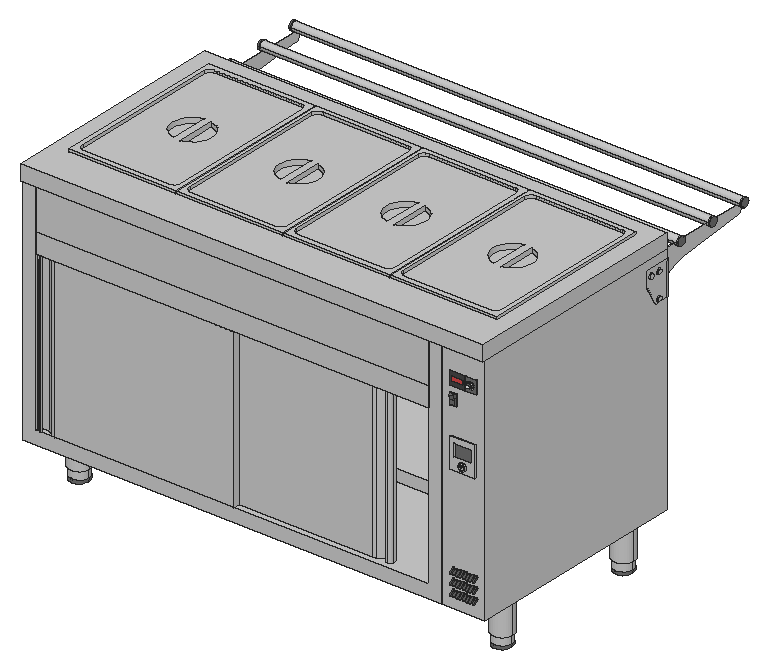
Revit family "QF_INOMAK_MHV714_250605085613", category Specialty Equipment, Revit 2021
Family settings
  Round Connector Dimension = Use Diameter
  Part Type = Normal
  OmniClass Number = 23.40.40.14
  OmniClass Title = Food Service Equipment
  Work Plane-Based = No
  Always vertical = Yes
  Cut with Voids When Loaded = No
  Shared = No
  Room Calculation Point = No
Parameters (values of type "MHV714")
  Weight [instance] = 66.00 kg
  Waste Water Discharge Temperature [instance] = 0 °C
  Waste Remarks [instance] = ""
  Warranty Start Date [instance] = ""
  Warranty Duration [instance] = ""
  Volts [instance] = 400 V
  Volt Free Conn [instance] = no
  URL Recommended Spares List [instance] = ""
  URL Manufacturer [instance] = ""
  URL Cutsheet [instance] = ""
  URL Critical Spares List [instance] = ""
  URL = "www.inomak.com"
  Technical Documentation [instance] = ""
  Tag Number [instance] = ""
  Status [instance] = ""
  Start Up Current [instance] = 0 A
  Specification by User [instance] = ""
  Specification by Manufacturer [instance] = ""
  Sound Level [instance] = ""
  Show Logo [instance] = yes
  Show Clearances [instance] = yes
  Service Life Duration [instance] = ""
  Serial Number [instance] = ""
  Seismic Rating [instance] = ""
  SMACNA No [instance] = ""
  Revision Code [instance] = ""
  Revision [instance] = ""
  Production Year [instance] = ""
  Potential Equalisation [instance] = no
  Point Load [instance] = 0
  Plumbing Remarks [instance] = ""
  Plumbing Connection Type [instance] = ""
  Phase [instance] = 3
  Other Equipment Approvals [instance] = ""
  Operational Current [instance] = 0 A
  Odor Trap Included [instance] = no
  Number of Poles [instance] = 3
  No Load Power Draw [instance] = no
  National Water Regulation Certification [instance] = no
  NAFEM Spec ID Number [instance] = ""
  Model Warning [instance] = ""
  Model = "MHV714"
  Min Ckt Ampacity [instance] = 0 A
  Max Overcurrent Protection [instance] = 25 A
  Masterspec [instance] = ""
  Manufacturer = "INOMAK"
  Main switch integrated [instance] = no
  Length Actual [instance] = 1406 mm
  Item Number [instance] = ""
  Installed By [instance] = ""
  Installation Date [instance] = ""
  Indirect Waste Size [instance] = 25.4 mm
  Indirect Waste Remarks [instance] = ""
  Indirect Waste Flow [instance] = 0.0 L/s
  Indirect Waste Connection Type [instance] = ""
  Indirect Waste Connection Height [instance] = 0 mm
  Identify Quantity as Lot [instance] = no
  ID [instance] = ""
  Hygiene Approval [instance] = ""
  Height Actual [instance] = 900 mm
  HP power [instance] = ""
  Furnished By [instance] = ""
  Foodservice Equipment Identifier [instance] = no
  FL Amps [instance] = 16.8 A
  Electrical Remarks [instance] = ""
  Electric power [instance] = 3840 W
  Electric Connection Type [instance] = ""
  Elec Conn RI Height [instance] = 0 mm
  Elec Conn Connection Height [instance] = 0 mm
  ETL Approved [instance] = no
  Direct Waste Water Discharge Temperature [instance] = -273.15 °C
  Direct Waste Size [instance] = 25.4 mm
  Direct Waste RI Height [instance] = 0 mm
  Direct Waste Flow [instance] = 0.0 L/s
  Direct Waste Connection Height [instance] = 0 mm
  Description = "BAIN MARIE ON HEATED CUPBOARD WITH 3 GN PANS CAPACITY "
  Depth Actual [instance] = 700 mm
  Default Elevation = 0 mm
  Cycle [instance] = 50 Hz
  Cost = 0
  Connection to energy optimisation system [instance] = yes
  Conn Plug [instance] = ""
  Conn Conduit [instance] = no
  Cold Water Temperature Recommended [instance] = 0 °C
  Cold Water Size [instance] = 12.7 mm
  Cold Water Remarks [instance] = ""
  Cold Water RI Height [instance] = 0 mm
  Cold Water Quality [instance] = ""
  Cold Water Minimum Pressure [instance] = 200000.0 Pa
  Cold Water Maximum Pressure [instance] = 600000.0 Pa
  Cold Water Flow [instance] = 0.0 L/s
  Cold Water Connection Type [instance] = ""
  Cold Water Connection Height [instance] = 0 mm
  Centralized building control system with digital interface [instance] = ""
  CSI MasterFormat [instance] = ""
  CE Approved [instance] = no
  Barcode [instance] = 0
  Author [instance] = ""
  Asset Identifier [instance] = ""
  Apparent Power [instance] = 3840 VA
  Accessory [instance] = no
Reference planes
  plane 1 "Center (Front/Back)": y = 0
  plane 2: z = 0
  plane 3 "Center (Left/Right)": x = 0
Forms (mm)
  Extrusion 1, solid, not visible
    sketch origin (110.005, -510.025, 146.007) x (1, 0, 0) y (0, 1, 0)
      loop
        line (-2, 2) -> (-2, -2) -> (2, -2) -> (2, 2) -> (-2, 2)
    from -2 to 2
  Extrusion 2, solid, not visible
    sketch origin (110.005, -410.02, 146.007) x (1, 0, 0) y (0, 1, 0)
      loop
        line (-2, 2) -> (-2, -2) -> (2, -2) -> (2, 2) -> (-2, 2)
    from -2 to 2
  Extrusion 3, solid, not visible
    sketch origin (1360.066, -635.031, 146.007) x (1, 0, 0) y (0, 1, 0)
      loop
        line (-2, 2) -> (-2, -2) -> (2, -2) -> (2, 2) -> (-2, 2)
    from -2 to 2
Dimensions and locks
  locked: nested 2 to Extrusion 1 at 2  (x2)
  locked: nested 3 to Extrusion 2 at 2  (x2)
  locked: nested 4 to Extrusion 3 at 2  (x2)
  aligned and locked: level to plane 2
Nested families
  nested 1: "QF_INOMAK_CUPBOARD_BAIN_MARIES_1410_2920" at (0, 0, 144), type "MHV714"
    with Weight 66.00 kg, Warranty Start Date "", Warranty Duration "", URL Cutsheet "", Technical Documentation "", Tag Number "", Status "", Specification by User "", Specification by Manufacturer "", Sound Level "", Solid Fuel Type "", Show Logo yes, Show Clearances yes, Service Life Duration "", Serial Number "", Seismic Rating "", SMACNA No "", Revision Code "", Revision "", Production Year "", Point Load 0, Other Equipment Approvals "", NAFEM Spec ID Number "", Model Warning "", Masterspec "", Length Actual 1406 mm, Item Number "", Installed By "", Installation Date "", Identify Quantity as Lot yes, ID "", Hygiene Approval "", Height Actual 900 mm, Furnished By "", Foodservice Equipment Identifier yes, ETL Approved yes, Depth Actual 700 mm, CSI MasterFormat "", CE Approved yes, Barcode "", Author "", Asset Identifier "", Accessory no
  nested 2: "CONN_POINT_COLDWATER_2D___Generic_Annotation" at (110.005, -510.025, 144.007), type "CONN_POINT_COLDWATER_2D___Generic_Annotation"
    with Onboard connection annotation symbol visibility yes
  nested 3: "CONN_POINT_DRAIN_2D___Generic_Annotation" at (110.005, -410.02, 144.007), type "CONN_POINT_DRAIN_2D___Generic_Annotation"
    with Onboard connection annotation symbol visibility yes
  nested 4: "CONN_POINT_ELE_2D___Generic_Annotation" at (1360.066, -635.031, 144.007), type "CONN_POINT_ELE_2D___Generic_Annotation"
    with Onboard connection annotation symbol visibility yes
  nested 5: "QF_INOMAK_LEGS_5042" at (0, 0, 0), type "LG-1410-700"
    with Weight 0.00 kg, Warranty Start Date "", Warranty Duration "", URL Cutsheet "", Technical Documentation "", Tag Number "", Status "", Specification by User "", Specification by Manufacturer "", Sound Level "", Solid Fuel Type "", Show Logo yes, Show Clearances yes, Service Life Duration "", Serial Number "", Seismic Rating "", SMACNA No "", Revision Code "", Revision "", Production Year "", Point Load 0, Other Equipment Approvals "", NAFEM Spec ID Number "", Model Warning "", Masterspec "", Length Actual 1406 mm, Item Number "", Installed By "", Installation Date "", Identify Quantity as Lot yes, ID "", Hygiene Approval "", Height Actual 144 mm, Furnished By "", Foodservice Equipment Identifier yes, ETL Approved yes, Depth Actual 700 mm, CSI MasterFormat "", CE Approved yes, Barcode "", Author "", Asset Identifier "", Accessory yes
  nested 6: "QF_INOMAK_CUPBOARD_RAILS_6791" at (0, 0, 144), type "RAS140"
    with Weight 0.00 kg, Warranty Start Date "", Warranty Duration "", URL Cutsheet "", Technical Documentation "", Tag Number "", Status "", Specification by User "", Specification by Manufacturer "", Sound Level "", Solid Fuel Type "", Show Logo yes, Show Clearances yes, Service Life Duration "", Serial Number "", Seismic Rating "", SMACNA No "", Revision Code "", Revision "", Production Year "", Point Load 0, Other Equipment Approvals "", NAFEM Spec ID Number "", Model Warning "", Masterspec "", Length Actual 1376 mm, Length 1406 mm, Item Number "", Installed By "", Installation Date "", Identify Quantity as Lot yes, ID "", Hygiene Approval "", Height Actual 175 mm, Furnished By "", Foodservice Equipment Identifier yes, ETL Approved yes, Depth Actual 335 mm, CSI MasterFormat "", CE Approved yes, Barcode "", Author "", Asset Identifier "", Accessory yes
Connectors
  piping at (110.005, -510.025, 144.007), diameter 12.7, driven by "Cold Water Size", driven by "Cold Water Flow"
    settings: on Extrusion 1, index 1, connector inside diameter 609.6 mm, connector length 0 mm, flow factor 0, pipe flow 0.0 L/s, pressure drop 0.0 Pa, fitting loss kfactor 0, connector angle 0.00°, fixture units 0, engagement length 0 mm, angle of deflection 0.00°, flow configuration 1, flow direction 1, fitting loss method 0, system type 20, joint type 0, gender type 0, connector reference index -1, connector utility 0, adjustable connector no, is connector primary yes, connector description "Cold Water connection for MHV714"
  piping at (110.005, -410.02, 144.007), diameter 25.4, driven by "Indirect Waste Size", driven by "Direct Waste Flow"
    settings: on Extrusion 2, index 2, connector inside diameter 609.6 mm, connector length 0 mm, flow factor 0, pipe flow 0.0 L/s, pressure drop 0.0 Pa, fitting loss kfactor 0, connector angle 0.00°, fixture units 0, engagement length 0 mm, angle of deflection 0.00°, flow configuration 1, flow direction 2, fitting loss method 0, system type 16, joint type 0, gender type 0, connector reference index -1, connector utility 0, adjustable connector no, is connector primary no, connector description "Waste connection for MHV714"
  electrical at (1360.066, -635.031, 144.007), driven by "Apparent Power", driven by "Number of Poles", driven by "Volts"
    settings: on Extrusion 3, index 3, voltage 400 V, apparent load 0 VA, apparent load phase1 3840 VA, apparent load phase2 0 VA, apparent load phase3 0 VA, power factor 1, load classification "Other", number of poles 3, system type 31, power factor state 1, is connector primary yes, connector utility no, sub classification motor no, connector description "Electrical connection for MHV714"
Definition of nested family "QF_INOMAK_CUPBOARD_BAIN_MARIES_1410_2920"
  Parameters (values of type "MFV714")
    Weight [instance] = 0.00 kg
    Warranty Start Date [instance] = ""
    Warranty Duration [instance] = ""
    URL Cutsheet [instance] = ""
    URL = "www.inomak.com"
    Technical Documentation [instance] = ""
    Tag Number [instance] = ""
    Status [instance] = ""
    Specification by User [instance] = ""
    Specification by Manufacturer [instance] = ""
    Sound Level [instance] = ""
    Solid Fuel Type [instance] = ""
    Show Logo [instance] = yes
    Show Clearances [instance] = yes
    Service Life Duration [instance] = ""
    Serial Number [instance] = ""
    Seismic Rating [instance] = ""
    SMACNA No [instance] = ""
    Revision Code [instance] = ""
    Revision [instance] = ""
    Production Year [instance] = ""
    Point Load [instance] = 0
    Other Equipment Approvals [instance] = ""
    NAFEM Spec ID Number [instance] = ""
    Model Warning [instance] = ""
    Model = "MFV714"
    Masterspec [instance] = ""
    Manufacturer = "INOMAK"
    Length Actual [instance] = 0 mm
    Item Number [instance] = ""
    Installed By [instance] = ""
    Installation Date [instance] = ""
    Identify Quantity as Lot [instance] = yes
    ID [instance] = ""
    Hygiene Approval [instance] = ""
    Height Actual [instance] = 0 mm
    Furnished By [instance] = ""
    Foodservice Equipment Identifier [instance] = yes
    ETL Approved [instance] = yes
    Description = "BAIN MARIE ON CUPBOARD WITH 3 GN PANS CAPACITY AND SHOWCASE"
    Depth Actual [instance] = 0 mm
    Default Elevation = 0 mm
    CSI MasterFormat [instance] = ""
    CE Approved [instance] = yes
    Barcode [instance] = ""
    Author [instance] = ""
    Asset Identifier [instance] = ""
    Assembly Code = "E1090320"
    Accessory [instance] = yes
  Types (10, lengths in mm): name | Model | Description
    MFV714 | "MFV714" | "BAIN MARIE ON CUPBOARD WITH 3 GN PANS CAPACITY AND SHOWCASE"
    MDV714 | "MDV714" | "BAIN MARIE ON CUPBOARD WITH 3 GN PANS CAPACITY"
    MVV714 | "MVV714" | "BAIN MARIE ON CUPBOARD WITH 3 GN PANS CAPACITY AND SINGLE SNEEZE GUARD"
    MRV714 | "MRV714" | "BAIN MARIE ON CUPBOARD WITH 3 GN PANS CAPACITY AND DOUBLE SNEEZE GUARD"
    MFSQ714 | "MFSQ714" | "BAIN MARIE ON CUPBOARD WITH 3 GN PANS CAPACITY AND SQUARE SHOWCASE"
    MIV714 | "MIV714" | "BAIN MARIE ON HEATED CUPBOARD WITH 3 GN PANS CAPACITY AND SHOWCASE"
    MHV714 | "MHV714" | "BAIN MARIE ON HEATED CUPBOARD WITH 3 GN PANS CAPACITY"
    MJV714 | "MJV714" | "BAIN MARIE ON HEATED CUPBOARD WITH 3 GN PANS CAPACITY AND SINGLE SNEEZE GUARD"
    MQV714 | "MQV714" | "BAIN MARIE ON HEATED CUPBOARD WITH 3 GN PANS CAPACITY AND DOUBLE SNEEZE GUARD"
    MISQ714 | "MISQ714" | "BAIN MARIE ON HEATED CUPBOARD WITH 3 GN PANS CAPACITY AND SQUARE SHOWCASE"
  Reference planes
    plane 1 "Back": y = 0
    plane 2: z = 0
    plane 3 "Left": x = 0
    plane 4 "Right": x = 1406
    plane 5 "Front": y = -700
    plane 6 "Top": z = 756
  Forms (mm)
    Extrusion 1, solid
      sketch origin (784.283, -707, -123.631) x (-1, 0, 0) y (0, 0, 1)
        loop
          arc (-522.253, 235.165) -> (-526.351, 236.263) -> (-527.449, 232.165) r 3
          line (-527.449, 232.165) -> (-518.449, 216.577)
          arc (-518.449, 216.577) -> (-514.351, 215.479) -> (-513.253, 219.577) r 3
          line (-513.253, 219.577) -> (-522.253, 235.165)
        loop
          arc (-532.253, 235.165) -> (-536.351, 236.263) -> (-537.449, 232.165) r 3
          line (-537.449, 232.165) -> (-528.449, 216.577)
          arc (-528.449, 216.577) -> (-524.351, 215.479) -> (-523.253, 219.577) r 3
          line (-523.253, 219.577) -> (-532.253, 235.165)
        loop
          arc (-542.253, 235.165) -> (-546.351, 236.263) -> (-547.449, 232.165) r 3
          line (-547.449, 232.165) -> (-538.449, 216.577)
          arc (-538.449, 216.577) -> (-534.351, 215.479) -> (-533.253, 219.577) r 3
          line (-533.253, 219.577) -> (-542.253, 235.165)
        loop
          arc (-552.253, 235.165) -> (-556.351, 236.263) -> (-557.449, 232.165) r 3
          line (-557.449, 232.165) -> (-548.449, 216.577)
          arc (-548.449, 216.577) -> (-544.351, 215.479) -> (-543.253, 219.577) r 3
          line (-543.253, 219.577) -> (-552.253, 235.165)
        loop
          arc (-562.253, 235.165) -> (-566.351, 236.263) -> (-567.449, 232.165) r 3
          line (-567.449, 232.165) -> (-558.449, 216.577)
          arc (-558.449, 216.577) -> (-554.351, 215.479) -> (-553.253, 219.577) r 3
          line (-553.253, 219.577) -> (-562.253, 235.165)
        loop
          arc (-572.253, 235.165) -> (-576.351, 236.263) -> (-577.449, 232.165) r 3
          line (-577.449, 232.165) -> (-568.449, 216.577)
          arc (-568.449, 216.577) -> (-564.351, 215.479) -> (-563.253, 219.577) r 3
          line (-563.253, 219.577) -> (-572.253, 235.165)
        loop
          arc (-582.253, 235.165) -> (-586.351, 236.263) -> (-587.449, 232.165) r 3
          line (-587.449, 232.165) -> (-578.449, 216.577)
          arc (-578.449, 216.577) -> (-574.351, 215.479) -> (-573.253, 219.577) r 3
          line (-573.253, 219.577) -> (-582.253, 235.165)
        loop
          arc (-592.253, 235.165) -> (-596.351, 236.263) -> (-597.449, 232.165) r 3
          line (-597.449, 232.165) -> (-588.449, 216.577)
          arc (-588.449, 216.577) -> (-584.351, 215.479) -> (-583.253, 219.577) r 3
          line (-583.253, 219.577) -> (-592.253, 235.165)
        loop
          arc (-522.253, 205.165) -> (-526.351, 206.263) -> (-527.449, 202.165) r 3
          line (-527.449, 202.165) -> (-518.449, 186.577)
          arc (-518.449, 186.577) -> (-514.351, 185.479) -> (-513.253, 189.577) r 3
          line (-513.253, 189.577) -> (-522.253, 205.165)
        loop
          arc (-532.253, 205.165) -> (-536.351, 206.263) -> (-537.449, 202.165) r 3
          line (-537.449, 202.165) -> (-528.449, 186.577)
          arc (-528.449, 186.577) -> (-524.351, 185.479) -> (-523.253, 189.577) r 3
          line (-523.253, 189.577) -> (-532.253, 205.165)
        loop
          arc (-542.253, 205.165) -> (-546.351, 206.263) -> (-547.449, 202.165) r 3
          line (-547.449, 202.165) -> (-538.449, 186.577)
          arc (-538.449, 186.577) -> (-534.351, 185.479) -> (-533.253, 189.577) r 3
          line (-533.253, 189.577) -> (-542.253, 205.165)
        loop
          arc (-552.253, 205.165) -> (-556.351, 206.263) -> (-557.449, 202.165) r 3
          line (-557.449, 202.165) -> (-548.449, 186.577)
          arc (-548.449, 186.577) -> (-544.351, 185.479) -> (-543.253, 189.577) r 3
          line (-543.253, 189.577) -> (-552.253, 205.165)
        loop
          arc (-562.253, 205.165) -> (-566.351, 206.263) -> (-567.449, 202.165) r 3
          line (-567.449, 202.165) -> (-558.449, 186.577)
          arc (-558.449, 186.577) -> (-554.351, 185.479) -> (-553.253, 189.577) r 3
          line (-553.253, 189.577) -> (-562.253, 205.165)
        loop
          arc (-572.253, 205.165) -> (-576.351, 206.263) -> (-577.449, 202.165) r 3
          line (-577.449, 202.165) -> (-568.449, 186.577)
          arc (-568.449, 186.577) -> (-564.351, 185.479) -> (-563.253, 189.577) r 3
          line (-563.253, 189.577) -> (-572.253, 205.165)
        loop
          arc (-582.253, 205.165) -> (-586.351, 206.263) -> (-587.449, 202.165) r 3
          line (-587.449, 202.165) -> (-578.449, 186.577)
          arc (-578.449, 186.577) -> (-574.351, 185.479) -> (-573.253, 189.577) r 3
          line (-573.253, 189.577) -> (-582.253, 205.165)
        loop
          arc (-592.253, 205.165) -> (-596.351, 206.263) -> (-597.449, 202.165) r 3
          line (-597.449, 202.165) -> (-588.449, 186.577)
          arc (-588.449, 186.577) -> (-584.351, 185.479) -> (-583.253, 189.577) r 3
          line (-583.253, 189.577) -> (-592.253, 205.165)
        loop
          arc (-522.253, 175.165) -> (-526.351, 176.263) -> (-527.449, 172.165) r 3
          line (-527.449, 172.165) -> (-518.449, 156.577)
          arc (-518.449, 156.577) -> (-514.351, 155.479) -> (-513.253, 159.577) r 3
          line (-513.253, 159.577) -> (-522.253, 175.165)
        loop
          arc (-532.253, 175.165) -> (-536.351, 176.263) -> (-537.449, 172.165) r 3
          line (-537.449, 172.165) -> (-528.449, 156.577)
          arc (-528.449, 156.577) -> (-524.351, 155.479) -> (-523.253, 159.577) r 3
          line (-523.253, 159.577) -> (-532.253, 175.165)
        loop
          arc (-542.253, 175.165) -> (-546.351, 176.263) -> (-547.449, 172.165) r 3
          line (-547.449, 172.165) -> (-538.449, 156.577)
          arc (-538.449, 156.577) -> (-534.351, 155.479) -> (-533.253, 159.577) r 3
          line (-533.253, 159.577) -> (-542.253, 175.165)
        loop
          arc (-552.253, 175.165) -> (-556.351, 176.263) -> (-557.449, 172.165) r 3
          line (-557.449, 172.165) -> (-548.449, 156.577)
          arc (-548.449, 156.577) -> (-544.351, 155.479) -> (-543.253, 159.577) r 3
          line (-543.253, 159.577) -> (-552.253, 175.165)
        loop
          arc (-562.253, 175.165) -> (-566.351, 176.263) -> (-567.449, 172.165) r 3
          line (-567.449, 172.165) -> (-558.449, 156.577)
          arc (-558.449, 156.577) -> (-554.351, 155.479) -> (-553.253, 159.577) r 3
          line (-553.253, 159.577) -> (-562.253, 175.165)
        loop
          arc (-572.253, 175.165) -> (-576.351, 176.263) -> (-577.449, 172.165) r 3
          line (-577.449, 172.165) -> (-568.449, 156.577)
          arc (-568.449, 156.577) -> (-564.351, 155.479) -> (-563.253, 159.577) r 3
          line (-563.253, 159.577) -> (-572.253, 175.165)
        loop
          arc (-582.253, 175.165) -> (-586.351, 176.263) -> (-587.449, 172.165) r 3
          line (-587.449, 172.165) -> (-578.449, 156.577)
          arc (-578.449, 156.577) -> (-574.351, 155.479) -> (-573.253, 159.577) r 3
          line (-573.253, 159.577) -> (-582.253, 175.165)
        loop
          arc (-592.253, 175.165) -> (-596.351, 176.263) -> (-597.449, 172.165) r 3
          line (-597.449, 172.165) -> (-588.449, 156.577)
          arc (-588.449, 156.577) -> (-584.351, 155.479) -> (-583.253, 159.577) r 3
          line (-583.253, 159.577) -> (-592.253, 175.165)
      from 16.5 to 18.5
    Extrusion 2, solid
      sketch origin (1092.266, -692, 538.514) x (-1, 0, 0) y (0, 0, 1)
        loop
          line (-208.234, 108.408) -> (-253.234, 108.408) -> (-253.234, 68.408) -> (-208.234, 68.408) -> (-208.234, 108.408)
      from 0 to 2
    Extrusion 3, solid
      sketch origin (370.5, -693, 539.422) x (-1, 0, 0) y (0, 0, 1)
        loop
          line (-950, 15) -> (-930, 15) -> (-930, 50) -> (-950, 50) -> (-950, 15)
      from 0 to 3
    Extrusion 4, solid
      sketch origin (398.5, -568, 539.422) x (0, 1, 0) y (0, 0, 1)
        loop
          line (-125, 18) -> (-125, 47)
          arc (-125, 47) -> (-127.961, 46.812) -> (-130.754, 45.81) r 10.576
          line (-130.754, 45.81) -> (-128, 32.5) -> (-128, 18) -> (-125, 18)
      from 905 to 919
    Extrusion 5, solid
      sketch origin (1137.266, -692, 538.514) x (-1, 0, 0) y (0, 0, 1)
        loop
          line (-208.234, 108.408) -> (-243.234, 108.408) -> (-243.234, 68.408) -> (-208.234, 68.408) -> (-208.234, 108.408)
      from 0 to 2
    Extrusion 6, solid
      sketch origin (1092.266, -692.5, 538.514) x (-1, 0, 0) y (0, 0, 1)
        loop
          line (-213.234, 94.908) -> (-248.234, 94.908) -> (-248.234, 81.908) -> (-213.234, 81.908) -> (-213.234, 94.908)
      from 0 to 2.5
    Extrusion 7, solid
      sketch origin (1092.266, -692.5, 538.514) x (-1, 0, 0) y (0, 0, 1)
        loop
          line (-271.558, 91.171) -> (-275.802, 98.522) -> (-280.047, 91.171) -> (-271.558, 91.171)
        loop
          line (-271.558, 85.645) -> (-280.047, 85.645) -> (-275.802, 78.294) -> (-271.558, 85.645)
        loop
          line (-257.397, 85.645) -> (-267.397, 85.645) -> (-267.397, 78.294) -> (-257.397, 78.294) -> (-257.397, 85.645)
        loop
          line (-265.397, 98.522) -> (-267.397, 98.522) -> (-267.397, 92.322) -> (-259.549, 92.322) -> (-259.549, 91.171) -> (-257.397, 93.322) -> (-259.549, 95.474) -> (-259.549, 94.322) -> (-265.397, 94.322) -> (-265.397, 98.522)
      from 0 to 2.5
    Extrusion 8, solid
      sketch origin (-2, 0, 492) x (1, 0, 0) y (0, 1, 0)
        loop
          line (55, -50) -> (55, -580) -> (380, -580) -> (380, -50) -> (55, -50)
        loop
          arc (87.5, -65) -> (73.358, -70.858) -> (67.5, -85) r 20
          line (67.5, -85) -> (67.5, -545.415)
          arc (67.5, -545.415) -> (73.358, -559.557) -> (87.5, -565.415) r 20
          line (87.5, -565.415) -> (347.5, -565.415)
          arc (347.5, -565.415) -> (361.642, -559.557) -> (367.5, -545.415) r 20
          line (367.5, -545.415) -> (367.5, -85)
          arc (367.5, -85) -> (361.642, -70.858) -> (347.5, -65) r 20
          line (347.5, -65) -> (87.5, -65)
      from 218 to 270
    Extrusion 9, solid
      sketch origin (-2, 0, 485) x (1, 0, 0) y (0, 1, 0)
        loop
          arc (67.5, -545.415) -> (73.358, -559.557) -> (87.5, -565.415) r 20
          line (87.5, -565.415) -> (347.5, -565.415)
          arc (347.5, -565.415) -> (361.642, -559.557) -> (367.5, -545.415) r 20
          line (367.5, -545.415) -> (367.5, -85)
          arc (367.5, -85) -> (361.642, -70.858) -> (347.5, -65) r 20
          line (347.5, -65) -> (87.5, -65)
          arc (87.5, -65) -> (73.358, -70.858) -> (67.5, -85) r 20
          line (67.5, -85) -> (67.5, -545.415)
      from 225 to 270
    Extrusion 10, void
      sketch origin (-2, 0, 500) x (1, 0, 0) y (0, 1, 0)
        loop
          arc (207.5, -256.046) -> (157.5, -315.207) -> (207.5, -374.368) r 60
          line (207.5, -374.368) -> (207.5, -256.046)
        loop
          line (227.5, -256.046) -> (227.5, -374.368)
          arc (227.5, -374.368) -> (277.5, -315.207) -> (227.5, -256.046) r 60
      from 240 to 270
    Extrusion 11, solid
      sketch origin (323, 0, 492) x (1, 0, 0) y (0, 1, 0)
        loop
          line (55, -50) -> (55, -580) -> (380, -580) -> (380, -50) -> (55, -50)
        loop
          arc (87.5, -65) -> (73.358, -70.858) -> (67.5, -85) r 20
          line (67.5, -85) -> (67.5, -545.415)
          arc (67.5, -545.415) -> (73.358, -559.557) -> (87.5, -565.415) r 20
          line (87.5, -565.415) -> (347.5, -565.415)
          arc (347.5, -565.415) -> (361.642, -559.557) -> (367.5, -545.415) r 20
          line (367.5, -545.415) -> (367.5, -85)
          arc (367.5, -85) -> (361.642, -70.858) -> (347.5, -65) r 20
          line (347.5, -65) -> (87.5, -65)
      from 218 to 270
    Extrusion 12, solid
      sketch origin (323, 0, 485) x (1, 0, 0) y (0, 1, 0)
        loop
          arc (67.5, -545.415) -> (73.358, -559.557) -> (87.5, -565.415) r 20
          line (87.5, -565.415) -> (347.5, -565.415)
          arc (347.5, -565.415) -> (361.642, -559.557) -> (367.5, -545.415) r 20
          line (367.5, -545.415) -> (367.5, -85)
          arc (367.5, -85) -> (361.642, -70.858) -> (347.5, -65) r 20
          line (347.5, -65) -> (87.5, -65)
          arc (87.5, -65) -> (73.358, -70.858) -> (67.5, -85) r 20
          line (67.5, -85) -> (67.5, -545.415)
      from 225 to 270
    Extrusion 13, void
      sketch origin (323, 0, 500) x (1, 0, 0) y (0, 1, 0)
        loop
          arc (207.5, -256.046) -> (157.5, -315.207) -> (207.5, -374.368) r 60
          line (207.5, -374.368) -> (207.5, -256.046)
        loop
          line (227.5, -256.046) -> (227.5, -374.368)
          arc (227.5, -374.368) -> (277.5, -315.207) -> (227.5, -256.046) r 60
      from 240 to 270
    Extrusion 14, solid
      sketch origin (973, 0, 492) x (1, 0, 0) y (0, 1, 0)
        loop
          line (55, -50) -> (55, -580) -> (380, -580) -> (380, -50) -> (55, -50)
        loop
          arc (87.5, -65) -> (73.358, -70.858) -> (67.5, -85) r 20
          line (67.5, -85) -> (67.5, -545.415)
          arc (67.5, -545.415) -> (73.358, -559.557) -> (87.5, -565.415) r 20
          line (87.5, -565.415) -> (347.5, -565.415)
          arc (347.5, -565.415) -> (361.642, -559.557) -> (367.5, -545.415) r 20
          line (367.5, -545.415) -> (367.5, -85)
          arc (367.5, -85) -> (361.642, -70.858) -> (347.5, -65) r 20
          line (347.5, -65) -> (87.5, -65)
      from 218 to 270
    Extrusion 15, solid
      sketch origin (973, 0, 485) x (1, 0, 0) y (0, 1, 0)
        loop
          arc (67.5, -545.415) -> (73.358, -559.557) -> (87.5, -565.415) r 20
          line (87.5, -565.415) -> (347.5, -565.415)
          arc (347.5, -565.415) -> (361.642, -559.557) -> (367.5, -545.415) r 20
          line (367.5, -545.415) -> (367.5, -85)
          arc (367.5, -85) -> (361.642, -70.858) -> (347.5, -65) r 20
          line (347.5, -65) -> (87.5, -65)
          arc (87.5, -65) -> (73.358, -70.858) -> (67.5, -85) r 20
          line (67.5, -85) -> (67.5, -545.415)
      from 225 to 270
    Extrusion 16, void
      sketch origin (973, 0, 500) x (1, 0, 0) y (0, 1, 0)
        loop
          arc (207.5, -256.046) -> (157.5, -315.207) -> (207.5, -374.368) r 60
          line (207.5, -374.368) -> (207.5, -256.046)
        loop
          line (227.5, -256.046) -> (227.5, -374.368)
          arc (227.5, -374.368) -> (277.5, -315.207) -> (227.5, -256.046) r 60
      from 240 to 270
    Extrusion 17, solid
      sketch origin (0, 0, 710) x (1, 0, 0) y (0, 1, 0)
        loop
          line (0, 0) -> (0, -700) -> (1406, -700) -> (1406, 0) -> (0, 0)
        loop
          line (53, -50) -> (53, -580) -> (1353, -580) -> (1353, -50) -> (53, -50)
      from 0 to 46
    Extrusion 18, solid
      sketch origin (0, 0, 0) x (1, 0, 0) y (0, 1, 0)
        loop
          line (0, -690) -> (40, -690) -> (40, -40) -> (1235, -40) -> (1235, -690) -> (1275, -690) -> (1275, 0) -> (0, 0) -> (0, -690)
      from 0 to 710
    Extrusion 19, solid
      sketch origin (303, 0, 0) x (1, 0, 0) y (0, 1, 0)
        loop
          line (972, 0) -> (972, -690) -> (1103, -690) -> (1103, 0) -> (972, 0)
      from 0 to 710
    Extrusion 20, solid
      sketch origin (-130, -690, 0) x (-1, 0, 0) y (0, 1, 0)
        loop
          line (-170, 10) -> (-170, 20) -> (-770, 20) -> (-770, 0) -> (-226.156, 0)
          arc (-226.156, 0) -> (-220.272, 0.885) -> (-214.91, 3.461) r 20
          line (-214.91, 3.461) -> (-195, 17) -> (-173, 17) -> (-173, 10)
          arc (-173, 10) -> (-175.05, 5.05) -> (-180, 3) r 7
          line (-180, 3) -> (-185.012, 3) -> (-185.012, 0) -> (-180, 0)
          arc (-180, 0) -> (-172.929, 2.929) -> (-170, 10) r 10
      from -40 to -520
    Extrusion 21, solid
      sketch origin (173, -690, 0) x (-1, 0, 0) y (0, 1, 0)
        loop
          arc (-930, 30) -> (-927.071, 22.929) -> (-920, 20) r 10
          line (-920, 20) -> (-914.988, 20) -> (-914.988, 23) -> (-920, 23)
          arc (-920, 23) -> (-924.95, 25.05) -> (-927, 30) r 7
          line (-927, 30) -> (-927, 37) -> (-905, 37) -> (-885.09, 23.461)
          arc (-885.09, 23.461) -> (-879.728, 20.885) -> (-873.844, 20) r 20
          line (-873.844, 20) -> (-325, 20) -> (-325, 40) -> (-930, 40) -> (-930, 30)
      from -40 to -520
    Extrusion 22, solid
      sketch origin (0, 0, 0) x (1, 0, 0) y (0, 1, 0)
        loop
          line (40, -40) -> (40, -690) -> (1235, -690) -> (1235, -40) -> (40, -40)
      from 0 to 40
    Extrusion 23, solid
      sketch origin (0, 0, 672.314) x (1, 0, 0) y (0, 1, 0)
        loop
          line (40, -40) -> (40, -690) -> (1235, -690) -> (1235, -40) -> (40, -40)
      from -92.314 to 37.686
    Extrusion 24, solid
      sketch origin (0, 0, 610.314) x (1, 0, 0) y (0, 1, 0)
        loop
          line (40, -40) -> (40, -690) -> (1235, -690) -> (1235, -40) -> (40, -40)
      from -90.314 to -30.314
    Extrusion 25, solid
      sketch origin (-2, 0, 252.5) x (1, 0, 0) y (0, 1, 0)
        loop
          line (42, -40) -> (42, -645) -> (1237, -645) -> (1237, -40) -> (42, -40)
      from 0 to 35
    Extrusion 26, solid
      sketch origin (310.002, -695, 50) x (-1, 0, 0) y (0, 0, 1)
        loop
          line (-992.998, 421.076) -> (-1067.998, 421.076) -> (-1067.998, 331.076) -> (-992.998, 331.076) -> (-992.998, 421.076)
        loop
          line (-1003.957, 406.276) -> (-1058.957, 406.276) -> (-1058.957, 366.276) -> (-1003.957, 366.276) -> (-1003.957, 406.276)
      from 0 to 5
    Extrusion 27, solid
      sketch origin (310.002, -692, 50) x (-1, 0, 0) y (0, 0, 1)
        loop
          line (-1003.957, 406.276) -> (-1058.957, 406.276) -> (-1058.957, 366.276) -> (-1003.957, 366.276) -> (-1003.957, 406.276)
      from 0 to 2
    Revolve 28, solid
      sketch origin (1340.5, 59.612, -3292.415) x (0, 1, 0) y (0, 0, 1)
        loop
          line (-757.012, 3691.152) -> (-754.612, 3691.152) -> (-754.612, 3701.789) -> (-757.662, 3701.789) -> (-759.012, 3699.998) -> (-757.012, 3699.998) -> (-757.012, 3691.152)
        axis (-754.612, 3691.152) -> (-759.012, 3691.152)
      angle from 0 to 360
    Extrusion 29, solid
      sketch origin (-751.127, -695, 2689.585) x (-1, 0, 0) y (0, 0, 1)
        loop
          line (-2090.827, -2287.348) -> (-2092.827, -2287.348) -> (-2092.827, -2294.348) -> (-2090.827, -2294.348) -> (-2090.827, -2287.348)
        loop
          circle (-2091.627, -2290.848) r 7.846
      from -4.4 to -2.4
    Extrusion 30, solid
      sketch origin (648, 0, 492) x (1, 0, 0) y (0, 1, 0)
        loop
          line (55, -50) -> (55, -580) -> (380, -580) -> (380, -50) -> (55, -50)
        loop
          arc (87.5, -65) -> (73.358, -70.858) -> (67.5, -85) r 20
          line (67.5, -85) -> (67.5, -545.415)
          arc (67.5, -545.415) -> (73.358, -559.557) -> (87.5, -565.415) r 20
          line (87.5, -565.415) -> (347.5, -565.415)
          arc (347.5, -565.415) -> (361.642, -559.557) -> (367.5, -545.415) r 20
          line (367.5, -545.415) -> (367.5, -85)
          arc (367.5, -85) -> (361.642, -70.858) -> (347.5, -65) r 20
          line (347.5, -65) -> (87.5, -65)
      from 218 to 270
    Extrusion 31, solid
      sketch origin (648, 0, 485) x (1, 0, 0) y (0, 1, 0)
        loop
          arc (67.5, -545.415) -> (73.358, -559.557) -> (87.5, -565.415) r 20
          line (87.5, -565.415) -> (347.5, -565.415)
          arc (347.5, -565.415) -> (361.642, -559.557) -> (367.5, -545.415) r 20
          line (367.5, -545.415) -> (367.5, -85)
          arc (367.5, -85) -> (361.642, -70.858) -> (347.5, -65) r 20
          line (347.5, -65) -> (87.5, -65)
          arc (87.5, -65) -> (73.358, -70.858) -> (67.5, -85) r 20
          line (67.5, -85) -> (67.5, -545.415)
      from 225 to 270
    Extrusion 32, void
      sketch origin (648, 0, 500) x (1, 0, 0) y (0, 1, 0)
        loop
          arc (207.5, -256.046) -> (157.5, -315.207) -> (207.5, -374.368) r 60
          line (207.5, -374.368) -> (207.5, -256.046)
        loop
          line (227.5, -256.046) -> (227.5, -374.368)
          arc (227.5, -374.368) -> (277.5, -315.207) -> (227.5, -256.046) r 60
      from 240 to 270
  Cuts and joins
    Extrusion 10, Extrusion 13 cuts Extrusion 9
    Extrusion 13, Extrusion 16, Extrusion 32 cuts Extrusion 12
    Extrusion 16 cuts Extrusion 15
    joined: Extrusion 18, Extrusion 22
    Extrusion 32 cuts Extrusion 31
  Lines and regions (mm)
    symbolic lines
      curve 1: line (0, 0, 0) -> (1406, 0, 0)
      curve 2: line (0, -700, 0) -> (0, 0, 0)
      curve 3: line (1406, -700, 0) -> (0, -700, 0)
      curve 4: line (1406, 0, 0) -> (1406, -700, 0)
      curve 5: line (53, -50, 0) -> (1353, -50, 0)
      curve 6: line (53, -580, 0) -> (53, -50, 0)
      curve 7: line (1353, -580, 0) -> (53, -580, 0)
      curve 8: line (703, -50, 0) -> (703, -580, 0)
      curve 9: line (378, -50, 0) -> (378, -580, 0)
      curve 10: line (1353, -50, 0) -> (1353, -580, 0)
      curve 11: line (1028, -50, 0) -> (1028, -580, 0)
      curve 12: line (85.5, -65, 0) -> (345.5, -65, 0)
      curve 13: arc (345.5, -65, 0) -> (359.642, -70.858, 0) -> (365.5, -85, 0) r 20
      curve 14: line (365.5, -85, 0) -> (365.5, -545.415, 0)
      curve 15: arc (365.5, -545.415, 0) -> (359.642, -559.557, 0) -> (345.5, -565.415, 0) r 20
      curve 16: line (345.5, -565.415, 0) -> (85.5, -565.415, 0)
      curve 17: arc (85.5, -565.415, 0) -> (71.358, -559.557, 0) -> (65.5, -545.415, 0) r 20
      curve 18: line (65.5, -545.415, 0) -> (65.5, -85, 0)
      curve 19: arc (65.5, -85, 0) -> (71.358, -70.858, 0) -> (85.5, -65, 0) r 20
      curve 20: arc (205.5, -256.046, 0) -> (155.5, -315.207, 0) -> (205.5, -374.368, 0) r 60
      curve 21: line (205.5, -374.368, 0) -> (205.5, -256.046, 0)
      curve 22: line (225.5, -256.046, 0) -> (225.5, -374.368, 0)
      curve 23: arc (225.5, -374.368, 0) -> (275.5, -315.207, 0) -> (225.5, -256.046, 0) r 60
      curve 24: arc (390.5, -85, 0) -> (396.358, -70.858, 0) -> (410.5, -65, 0) r 20
      curve 25: line (410.5, -65, 0) -> (670.5, -65, 0)
      curve 26: arc (670.5, -65, 0) -> (684.642, -70.858, 0) -> (690.5, -85, 0) r 20
      curve 27: line (690.5, -85, 0) -> (690.5, -545.415, 0)
      curve 28: arc (690.5, -545.415, 0) -> (684.642, -559.557, 0) -> (670.5, -565.415, 0) r 20
      curve 29: line (670.5, -565.415, 0) -> (410.5, -565.415, 0)
      curve 30: arc (410.5, -565.415, 0) -> (396.358, -559.557, 0) -> (390.5, -545.415, 0) r 20
      curve 31: line (390.5, -545.415, 0) -> (390.5, -85, 0)
      curve 32: arc (530.5, -256.046, 0) -> (480.5, -315.207, 0) -> (530.5, -374.368, 0) r 60
      curve 33: line (530.5, -374.368, 0) -> (530.5, -256.046, 0)
      curve 34: line (550.5, -256.046, 0) -> (550.5, -374.368, 0)
      curve 35: arc (550.5, -374.368, 0) -> (600.5, -315.207, 0) -> (550.5, -256.046, 0) r 60
      curve 36: line (715.5, -545.415, 0) -> (715.5, -85, 0)
      curve 37: arc (715.5, -85, 0) -> (721.358, -70.858, 0) -> (735.5, -65, 0) r 20
      curve 38: line (735.5, -65, 0) -> (995.5, -65, 0)
      curve 39: arc (995.5, -65, 0) -> (1009.642, -70.858, 0) -> (1015.5, -85, 0) r 20
      curve 40: line (1015.5, -85, 0) -> (1015.5, -545.415, 0)
      curve 41: arc (1015.5, -545.415, 0) -> (1009.642, -559.557, 0) -> (995.5, -565.415, 0) r 20
      curve 42: line (995.5, -565.415, 0) -> (735.5, -565.415, 0)
      curve 43: arc (735.5, -565.415, 0) -> (721.358, -559.557, 0) -> (715.5, -545.415, 0) r 20
      curve 44: arc (855.5, -256.046, 0) -> (805.5, -315.207, 0) -> (855.5, -374.368, 0) r 60
      curve 45: line (855.5, -374.368, 0) -> (855.5, -256.046, 0)
      curve 46: line (875.5, -256.046, 0) -> (875.5, -374.368, 0)
      curve 47: arc (875.5, -374.368, 0) -> (925.5, -315.207, 0) -> (875.5, -256.046, 0) r 60
      curve 48: line (1060.5, -65, 0) -> (1320.5, -65, 0)
      curve 49: arc (1320.5, -65, 0) -> (1334.642, -70.858, 0) -> (1340.5, -85, 0) r 20
      curve 50: line (1340.5, -85, 0) -> (1340.5, -545.415, 0)
      curve 51: arc (1340.5, -545.415, 0) -> (1334.642, -559.557, 0) -> (1320.5, -565.415, 0) r 20
      curve 52: line (1320.5, -565.415, 0) -> (1060.5, -565.415, 0)
      curve 53: arc (1060.5, -565.415, 0) -> (1046.358, -559.557, 0) -> (1040.5, -545.415, 0) r 20
      curve 54: line (1040.5, -545.415, 0) -> (1040.5, -85, 0)
      curve 55: arc (1040.5, -85, 0) -> (1046.358, -70.858, 0) -> (1060.5, -65, 0) r 20
      curve 56: arc (1180.5, -256.046, 0) -> (1130.5, -315.207, 0) -> (1180.5, -374.368, 0) r 60
      curve 57: line (1180.5, -374.368, 0) -> (1180.5, -256.046, 0)
      curve 58: line (1200.5, -256.046, 0) -> (1200.5, -374.368, 0)
      curve 59: arc (1200.5, -374.368, 0) -> (1250.5, -315.207, 0) -> (1200.5, -256.046, 0) r 60
  Dimensions and locks
    plane 3 "Left" to plane 4 "Right" = 1406 mm
    plane 5 "Front" to plane 1 "Back" = 700 mm
    plane 6 "Top" to plane 2 = 756 mm
    aligned and locked: level to plane 2
Definition of nested family "QF_INOMAK_LEGS_5042"
  Parameters (values of type "LG-1545-700-BC")
    Weight [instance] = 0.00 kg
    Warranty Start Date [instance] = ""
    Warranty Duration [instance] = ""
    URL Cutsheet [instance] = ""
    URL = "www.inomak.com"
    Technical Documentation [instance] = ""
    Tag Number [instance] = ""
    Status [instance] = ""
    Specification by User [instance] = ""
    Specification by Manufacturer [instance] = ""
    Sound Level [instance] = ""
    Solid Fuel Type [instance] = ""
    Show Logo [instance] = yes
    Show Clearances [instance] = yes
    Service Life Duration [instance] = ""
    Serial Number [instance] = ""
    Seismic Rating [instance] = ""
    SMACNA No [instance] = ""
    Right offset = 300 mm
    Revision Code [instance] = ""
    Revision [instance] = ""
    Rear offset = 90 mm
    Production Year [instance] = ""
    Point Load [instance] = 0
    Other Equipment Approvals [instance] = ""
    NAFEM Spec ID Number [instance] = ""
    Model Warning [instance] = ""
    Model = "LG"
    Masterspec [instance] = ""
    Manufacturer = "INOMAK"
    Length Actual [instance] = 0 mm
    Length = 1546 mm
    Left offset = 100 mm
    Item Number [instance] = ""
    Installed By [instance] = ""
    Installation Date [instance] = ""
    Identify Quantity as Lot [instance] = yes
    ID [instance] = ""
    Hygiene Approval [instance] = ""
    Height Actual [instance] = 0 mm
    Height = 115 mm
    Furnished By [instance] = ""
    Front offset = 150 mm
    Foodservice Equipment Identifier [instance] = yes
    ETL Approved [instance] = yes
    Description = "STANDARD LEGS"
    Depth Actual [instance] = 0 mm
    Depth = 700 mm
    Default Elevation = 0 mm
    CentralLegs = if(Length > 1900 mm, 2 > 1, 2 < 1)  # no
    CSI MasterFormat [instance] = ""
    CE Approved [instance] = yes
    Barcode [instance] = ""
    Author [instance] = ""
    Asset Identifier [instance] = ""
    Assembly Code = "E1090320"
    Accessory [instance] = yes
  Types (14, lengths in mm): name | Right offset | Rear offset | Length | Left offset | Height | Front offset | Depth | CentralLegs
    LG-720-830 | 100 | 60 | 720 | 100 | 115 | 160 | 830 | no
    LG-1440-830 | 100 | 60 | 1440 | 100 | 115 | 160 | 830 | no
    LG-720-730 | 100 | 60 | 720 | 100 | 115 | 160 | 730 | no
    LG-1440-730 | 100 | 60 | 1440 | 100 | 115 | 160 | 730 | no
    LG-1105-700 | 60 | 90 | 1103 | 60 | 144 | 150 | 700 | no
    LG-1545-700 | 300 | 90 | 1546 | 100 | 144 | 150 | 700 | no
    LG-1995-700 | 300 | 90 | 1996 | 100 | 144 | 150 | 700 | yes
    LG-1545-700-BC | 300 | 90 | 1546 | 100 | 115 | 150 | 700 | no
    LG-1995-700-BC | 300 | 90 | 1996 | 100 | 115 | 150 | 700 | yes
    LG-1410-700 | 60 | 90 | 1406 | 60 | 144 | 150 | 700 | no
    LG-1795-700 | 60 | 90 | 1792 | 60 | 144 | 150 | 700 | no
    LG-1105-600 | 60 | 90 | 1103 | 60 | 144 | 150 | 600 | no
    LG-1545-600 | 300 | 90 | 1546 | 100 | 144 | 150 | 600 | no
    LG-1995-600 | 300 | 90 | 1996 | 100 | 144 | 150 | 600 | yes
  Reference planes
    plane 1 "Back": y = 0
    plane 2: z = 0
    plane 3 "Left": x = 0
    plane 4 "Right": x = 1546
    plane 5 "Front": y = -700
    plane 6 "Top": z = 115
    plane 7 "Left offset": x = 100
    plane 8 "Right offset": x = 1246
    plane 9 "Rear offset": y = -90
    plane 10 "Front offset": y = -550
    plane 11: x = 673
  Dimensions and locks
    "Length": plane 3 "Left" to plane 4 "Right"
    "Depth": plane 5 "Front" to plane 1 "Back"
    "Left offset": plane 3 "Left" to plane 7 "Left offset"
    "Right offset": plane 8 "Right offset" to plane 4 "Right"
    "Rear offset": plane 9 "Rear offset" to plane 1 "Back"
    "Front offset": plane 10 "Front offset" to plane 5 "Front"
    "Height": plane 6 "Top" to level
    equal spacing: plane 7 "Left offset", plane 11, plane 8 "Right offset"
    aligned and locked: level to plane 2
    aligned and locked: nested 2 to plane 8 "Right offset"
    aligned and locked: nested 3 to plane 8 "Right offset"
    aligned and locked: nested 4 to plane 7 "Left offset"
    aligned and locked: nested 4 to plane 10 "Front offset"
    aligned and locked: nested 3 to plane 10 "Front offset"
    aligned and locked: nested 1 to plane 7 "Left offset"
    aligned and locked: nested 1 to plane 9 "Rear offset"
    aligned and locked: nested 2 to plane 9 "Rear offset"
    aligned and locked: nested 5 to plane 11
    aligned and locked: nested 5 to plane 10 "Front offset"
  Nested families
    nested 1: "QF_INOMAK_LEG" at (100, -90, 0), type "QF_INOMAK_LEG"
      with Height 115 mm
    nested 2: "QF_INOMAK_LEG" at (1246, -90, 0), type "QF_INOMAK_LEG"
      with Height 115 mm
    nested 3: "QF_INOMAK_LEG" at (1246, -550, 0), type "QF_INOMAK_LEG"
      with Height 115 mm
    nested 4: "QF_INOMAK_LEG" at (100, -550, 0), type "QF_INOMAK_LEG"
      with Height 115 mm
    nested 5: "QF_INOMAK_LEG" at (673, -550, 0), visible <- "CentralLegs", type "QF_INOMAK_LEG"
      with Height 115 mm
  Definition of nested family "QF_INOMAK_LEG"
    Parameters (values of type "QF_INOMAK_LEG")
      Height = 118 mm
      Default Elevation = 0 mm
    Reference planes
      plane 1 "Center (Front/Back)": y = 0
      plane 2: z = 0
      plane 3 "Center (Left/Right)": x = 0
      plane 4 "Top": z = 118
    Forms (mm)
      Extrusion 1, solid
        sketch origin (0, 0, 118) x (0, 1, 0) y (-1, 0, 0)
          loop
            line (50, 45) -> (-50, 45) -> (-50, -45) -> (50, -45) -> (50, 45)
        from 0 to -3
      Extrusion 2, solid
        sketch origin (-199.986, 580, 0) x (1, 0, 0) y (0, 1, 0)
          loop
            circle (199.986, -580) r 28
        from 9 to 35
      Extrusion 3, solid
        sketch origin (-199.986, 580, 0) x (1, 0, 0) y (0, 1, 0)
          loop
            circle (199.986, -580) r 28.5
        from 0 to 9
      Sweep 4, solid
        path origin (0, 0, 0) x (0, 1, 0) y (0, 0, 1)
          loop
            line (0, 115) -> (0, 35)
        profile origin (0, 0, 75) x (1, 0, 0) y (0, 1, 0)
          loop
            circle (0, 0) r 32
    Dimensions and locks
      "Height": plane 4 "Top" to plane 2
      aligned and locked: level to plane 2
    Automatic sketch dimensions
      plane 1 "Center (Front/Back)" to Extrusion 1 sketch curve = 50 mm
      Extrusion 1 sketch curve to plane 1 "Center (Front/Back)" = 50 mm
      plane 3 "Center (Left/Right)" to Extrusion 1 sketch curve = 45 mm
      Extrusion 1 sketch curve to plane 3 "Center (Left/Right)" = 45 mm
      plane 1 "Center (Front/Back)" to Extrusion 2 sketch curve = 0 mm
      Extrusion 2 sketch curve to plane 3 "Center (Left/Right)" = 0 mm
      plane 1 "Center (Front/Back)" to Extrusion 3 sketch curve = 0 mm
      Extrusion 3 sketch curve to plane 3 "Center (Left/Right)" = 0 mm
      Sweep 4 sketch curve to plane 1 "Center (Front/Back)" = 0 mm
      level to Sweep 4 sketch curve = 35 mm
      Sweep 4 sketch curve to plane 4 "Top" = 3 mm
      Sweep 4 sketch curve to plane 3 "Center (Left/Right)" = 0 mm
      profile plane to Sweep 4 sketch curve = 0 mm
      radius of Extrusion 2 sketch curve = 28 mm
      radius of Extrusion 3 sketch curve = 28.5 mm
      radius of Sweep 4 sketch curve = 32 mm
Definition of nested family "QF_INOMAK_CUPBOARD_RAILS_6791"
  Parameters (values of type "RAS108")
    Weight [instance] = 0.00 kg
    Warranty Start Date [instance] = ""
    Warranty Duration [instance] = ""
    URL Cutsheet [instance] = ""
    URL = "www.inomak.com"
    Technical Documentation [instance] = ""
    Tag Number [instance] = ""
    Status [instance] = ""
    Specification by User [instance] = ""
    Specification by Manufacturer [instance] = ""
    Sound Level [instance] = ""
    Solid Fuel Type [instance] = ""
    Show Logo [instance] = yes
    Show Clearances [instance] = yes
    Service Life Duration [instance] = ""
    Serial Number [instance] = ""
    Seismic Rating [instance] = ""
    SMACNA No [instance] = ""
    Revision Code [instance] = ""
    Revision [instance] = ""
    Production Year [instance] = ""
    Point Load [instance] = 0
    Other Equipment Approvals [instance] = ""
    NAFEM Spec ID Number [instance] = ""
    Model Warning [instance] = ""
    Model = "RAS108"
    Masterspec [instance] = ""
    Manufacturer = "INOMAK"
    Length Actual [instance] = 0 mm
    Length [instance] = 1080 mm
    Item Number [instance] = ""
    Installed By [instance] = ""
    Installation Date [instance] = ""
    Identify Quantity as Lot [instance] = yes
    ID [instance] = ""
    Hygiene Approval [instance] = ""
    Height Actual [instance] = 0 mm
    Furnished By [instance] = ""
    Foodservice Equipment Identifier [instance] = yes
    ETL Approved [instance] = yes
    Description = "RAILS BOLETUS SERIES"
    Depth Actual [instance] = 0 mm
    Default Elevation = 0 mm
    CSI MasterFormat [instance] = ""
    CE Approved [instance] = yes
    Barcode [instance] = ""
    Author [instance] = ""
    Asset Identifier [instance] = ""
    Assembly Code = "E1090320"
    Accessory [instance] = yes
  Types (6, lengths in mm): name | Model | Length | Description
    RAS140 | "RAS140" | 1406 | "RAILS FOR BAIN MARIES WITH 4XGN 1/1"
    RAS110 | "RAS110" | 1102 | "RAILS FOR BAIN MARIES WITH 3XGN 1/1"
    RAS178 | "RAS178" | 1792 | "RAILS FOR BAIN MARIES WITH 5XGN 1/1"
    RAS108 | "RAS108" | 1080 | "RAILS BOLETUS SERIES"
    RAS179 | "RAS179" | 1792 | "RAILS FOR COUNTERS WITH LENGTH 179CM"
    RAS134 | "RAS134" | 1342 | "RAILS FOR COUNTERS WITH LENGTH 134CM"
  Reference planes
    plane 1 "Back": y = 0
    plane 2: z = 0
    plane 3 "Left": x = 0
    plane 4 "Right": x = 1080
    plane 5 "Front": y = 328.5
    plane 6 "Top": z = 756
  Forms (mm)
    Sweep 1, solid
      path origin (0, 0, 0) x (1, 0, 0) y (0, 1, 0)
        loop
          line (20, 76) -> (1060, 76)
      profile origin (540, 76, 0) x (0, 1, 0) y (0, 0, 1)
        loop
          circle (0, 693) r 12.5
    Extrusion 2, solid
      sketch origin (0, 0, 0) x (0, 1, 0) y (0, 0, 1)
        loop
          circle (76, 693) r 12.5
      from 15 to 20
    Extrusion 3, solid
      sketch origin (1080, -50, 0) x (0, -1, 0) y (0, 0, 1)
        loop
          circle (-126, 693) r 12.5
      from 15 to 20
    Sweep 4, solid
      path origin (0, 120, 0) x (1, 0, 0) y (0, 1, 0)
        loop
          line (20, 76) -> (1060, 76)
      profile origin (540, 196, 0) x (0, 1, 0) y (0, 0, 1)
        loop
          circle (0, 693) r 12.5
    Extrusion 5, solid
      sketch origin (0, 120, 0) x (0, 1, 0) y (0, 0, 1)
        loop
          circle (76, 693) r 12.5
      from 15 to 20
    Extrusion 6, solid
      sketch origin (1080, 70, 0) x (0, -1, 0) y (0, 0, 1)
        loop
          circle (-126, 693) r 12.5
      from 15 to 20
    Sweep 7, solid
      path origin (0, 240, 0) x (1, 0, 0) y (0, 1, 0)
        loop
          line (20, 76) -> (1060, 76)
      profile origin (540, 316, 0) x (0, 1, 0) y (0, 0, 1)
        loop
          circle (0, 693) r 12.5
    Extrusion 8, solid
      sketch origin (0, 240, 0) x (0, 1, 0) y (0, 0, 1)
        loop
          circle (76, 693) r 12.5
      from 15 to 20
    Extrusion 9, solid
      sketch origin (1080, 190, 0) x (0, -1, 0) y (0, 0, 1)
        loop
          circle (-126, 693) r 12.5
      from 15 to 20
    Extrusion 10, solid
      sketch origin (0, 0, 0) x (0, 1, 0) y (0, 0, 1)
        loop
          line (305.644, 686) -> (206.356, 686)
          arc (206.356, 686) -> (196, 680.5) -> (185.644, 686) r 12.5
          line (185.644, 686) -> (86.356, 686)
          arc (86.356, 686) -> (76, 680.5) -> (65.644, 686) r 12.5
          line (65.644, 686) -> (6, 686) -> (6, 582)
          arc (6, 582) -> (48.49, 618.653) -> (101.95, 635.708) r 140.202
          line (101.95, 635.708) -> (306.107, 657.705)
          arc (306.107, 657.705) -> (315.66, 662.597) -> (319.5, 672.619) r 15
          line (319.5, 672.619) -> (319.5, 681)
          arc (319.5, 681) -> (311.757, 681.242) -> (305.644, 686) r 12.5
      from 30 to 33
    Extrusion 11, solid
      sketch origin (-14.743, 6.2, 756) x (0, 1, 0) y (-1, 0, 0)
        loop
          line (-3.2, -41.743) -> (-3.2, -17.743)
          arc (-3.2, -17.743) -> (-4.957, -13.501) -> (-9.2, -11.743) r 6
          line (-9.2, -11.743) -> (-9.2, -14.743)
          arc (-9.2, -14.743) -> (-7.079, -15.622) -> (-6.2, -17.743) r 3
          line (-6.2, -17.743) -> (-6.2, -41.743)
          arc (-6.2, -41.743) -> (-4.443, -45.986) -> (-0.2, -47.743) r 6
          line (-0.2, -47.743) -> (-0.2, -44.743)
          arc (-0.2, -44.743) -> (-2.321, -43.865) -> (-3.2, -41.743) r 3
      from -174 to -70
    Extrusion 12, solid
      sketch origin (0, 0, 0) x (0, 1, 0) y (0, 0, 1)
        loop
          arc (-71.2, 686) -> (-78.271, 683.071) -> (-81.2, 676) r 10
          line (-81.2, 676) -> (-81.2, 645.301)
          arc (-81.2, 645.301) -> (-80.859, 642.713) -> (-79.86, 640.301) r 10
          line (-79.86, 640.301) -> (-49.087, 587)
          arc (-49.087, 587) -> (-45.426, 583.34) -> (-40.426, 582) r 10
          line (-40.426, 582) -> (-3, 582) -> (-3, 686) -> (-71.2, 686)
      from 0 to -3
    Extrusion 13, solid
      sketch origin (0, 0, 0) x (0, 1, 0) y (0, 0, 1)
        loop
          circle (-36.2, 668) r 7
      from -2 to -4
    Extrusion 14, solid
      sketch origin (0, 0, 0) x (0, 1, 0) y (0, 0, 1)
        loop
          line (-36.2, 674) -> (-41.396, 671) -> (-41.396, 665) -> (-36.2, 662) -> (-31.004, 665) -> (-31.004, 671) -> (-36.2, 674)
      from -9 to -4
    Extrusion 15, solid
      sketch origin (0, -30, 0) x (0, 1, 0) y (0, 0, 1)
        loop
          circle (-36.2, 668) r 7
      from -2 to -4
    Extrusion 16, solid
      sketch origin (0, -30, 0) x (0, 1, 0) y (0, 0, 1)
        loop
          line (-36.2, 674) -> (-41.396, 671) -> (-41.396, 665) -> (-36.2, 662) -> (-31.004, 665) -> (-31.004, 671) -> (-36.2, 674)
      from -9 to -4
    Extrusion 17, solid
      sketch origin (0, 0, -74) x (0, 1, 0) y (0, 0, 1)
        loop
          circle (-36.2, 668) r 7
      from -2 to -4
    Extrusion 18, solid
      sketch origin (0, 0, -74) x (0, 1, 0) y (0, 0, 1)
        loop
          line (-36.2, 674) -> (-41.396, 671) -> (-41.396, 665) -> (-36.2, 662) -> (-31.004, 665) -> (-31.004, 671) -> (-36.2, 674)
      from -9 to -4
    Extrusion 19, solid
      sketch origin (1080, 0, 0) x (0, -1, 0) y (0, 0, 1)
        loop
          arc (-305.644, 686) -> (-311.757, 681.242) -> (-319.5, 681) r 12.5
          line (-319.5, 681) -> (-319.5, 672.619)
          arc (-319.5, 672.619) -> (-315.66, 662.597) -> (-306.107, 657.705) r 15
          line (-306.107, 657.705) -> (-101.95, 635.708)
          arc (-101.95, 635.708) -> (-48.49, 618.653) -> (-6, 582) r 140.202
          line (-6, 582) -> (-6, 686) -> (-65.644, 686)
          arc (-65.644, 686) -> (-76, 680.5) -> (-86.356, 686) r 12.5
          line (-86.356, 686) -> (-185.644, 686)
          arc (-185.644, 686) -> (-196, 680.5) -> (-206.356, 686) r 12.5
          line (-206.356, 686) -> (-305.644, 686)
      from 30 to 33
    Extrusion 20, solid
      sketch origin (1420.743, 6.2, 756) x (0, 1, 0) y (-1, 0, 0)
        loop
          arc (-3.2, 367.743) -> (-2.321, 369.865) -> (-0.2, 370.743) r 3
          line (-0.2, 370.743) -> (-0.2, 373.743)
          arc (-0.2, 373.743) -> (-4.443, 371.986) -> (-6.2, 367.743) r 6
          line (-6.2, 367.743) -> (-6.2, 343.743)
          arc (-6.2, 343.743) -> (-7.079, 341.622) -> (-9.2, 340.743) r 3
          line (-9.2, 340.743) -> (-9.2, 337.743)
          arc (-9.2, 337.743) -> (-4.957, 339.501) -> (-3.2, 343.743) r 6
          line (-3.2, 343.743) -> (-3.2, 367.743)
      from -174 to -70
    Extrusion 21, solid
      sketch origin (1080, 0, 0) x (0, -1, 0) y (0, 0, 1)
        loop
          line (71.2, 686) -> (3, 686) -> (3, 582) -> (40.426, 582)
          arc (40.426, 582) -> (45.426, 583.34) -> (49.087, 587) r 10
          line (49.087, 587) -> (79.86, 640.301)
          arc (79.86, 640.301) -> (80.859, 642.713) -> (81.2, 645.301) r 10
          line (81.2, 645.301) -> (81.2, 676)
          arc (81.2, 676) -> (78.271, 683.071) -> (71.2, 686) r 10
      from 0 to -3
    Extrusion 22, solid
      sketch origin (1080, 0, 0) x (0, -1, 0) y (0, 0, 1)
        loop
          circle (36.2, 668) r 7
      from -2 to -4
    Extrusion 23, solid
      sketch origin (1080, 0, 0) x (0, -1, 0) y (0, 0, 1)
        loop
          line (36.2, 674) -> (31.004, 671) -> (31.004, 665) -> (36.2, 662) -> (41.396, 665) -> (41.396, 671) -> (36.2, 674)
      from -9 to -4
    Extrusion 24, solid
      sketch origin (1080, 0, 0) x (0, -1, 0) y (0, 0, 1)
        loop
          circle (66.2, 668) r 7
      from -2 to -4
    Extrusion 25, solid
      sketch origin (1080, 0, 0) x (0, -1, 0) y (0, 0, 1)
        loop
          line (66.2, 674) -> (61.004, 671) -> (61.004, 665) -> (66.2, 662) -> (71.396, 665) -> (71.396, 671) -> (66.2, 674)
      from -9 to -4
    Extrusion 26, solid
      sketch origin (1080, 0, 0) x (0, -1, 0) y (0, 0, 1)
        loop
          circle (36.2, 594) r 7
      from -2 to -4
    Extrusion 27, solid
      sketch origin (1080, 0, 0) x (0, -1, 0) y (0, 0, 1)
        loop
          line (36.2, 600) -> (31.004, 597) -> (31.004, 591) -> (36.2, 588) -> (41.396, 591) -> (41.396, 597) -> (36.2, 600)
      from -9 to -4
  Lines and regions (mm)
    symbolic lines
      curve 1: line (15, 88.5, 756) -> (1065, 88.5, 756)
      curve 2: line (15, 63.5, 756) -> (15, 88.5, 756)
      curve 3: line (1065, 63.5, 756) -> (15, 63.5, 756)
      curve 4: line (1065, 88.5, 756) -> (1065, 63.5, 756)
      curve 5: line (15, 208.5, 756) -> (1065, 208.5, 756)
      curve 6: line (15, 183.5, 756) -> (15, 208.5, 756)
      curve 7: line (1065, 183.5, 756) -> (15, 183.5, 756)
      curve 8: line (1065, 208.5, 756) -> (1065, 183.5, 756)
      curve 9: line (15, 328.5, 756) -> (1065, 328.5, 756)
      curve 10: line (15, 303.5, 756) -> (15, 328.5, 756)
      curve 11: line (1065, 303.5, 756) -> (15, 303.5, 756)
      curve 12: line (1065, 328.5, 756) -> (1065, 303.5, 756)
      curve 13: line (30, 303.5, 756) -> (30, 208.5, 756)
      curve 14: line (33, 303.5, 756) -> (33, 208.5, 756)
      curve 15: line (30, 183.5, 756) -> (30, 88.5, 756)
      curve 16: line (33, 183.5, 756) -> (33, 88.5, 756)
      curve 17: line (30, 63.5, 756) -> (30, 0, 756)
      curve 18: line (33, 63.5, 756) -> (33, 0, 756)
      curve 19: line (1050, 303.5, 756) -> (1050, 208.5, 756)
      curve 20: line (1047, 303.5, 756) -> (1047, 208.5, 756)
      curve 21: line (1050, 183.5, 756) -> (1050, 88.5, 756)
      curve 22: line (1047, 183.5, 756) -> (1047, 88.5, 756)
      curve 23: line (1050, 63.5, 756) -> (1050, 0, 756)
      curve 24: line (1047, 63.5, 756) -> (1047, 0, 756)
      curve 25: line (1060, 88.5, 756) -> (1060, 63.5, 756)
      curve 26: line (1060, 208.5, 756) -> (1060, 183.5, 756)
      curve 27: line (1060, 328.5, 756) -> (1060, 303.5, 756)
      curve 28: line (20, 328.5, 756) -> (20, 303.5, 756)
      curve 29: line (20, 208.5, 756) -> (20, 183.5, 756)
      curve 30: line (20, 88.5, 756) -> (20, 63.5, 756)
  Dimensions and locks
    "Length": plane 3 "Left" to plane 4 "Right"
    plane 1 "Back" to plane 5 "Front" = 328.5 mm
    plane 6 "Top" to plane 2 = 756 mm
    aligned and locked: level to plane 2
  Automatic sketch dimensions
    plane 3 "Left" to Sweep 1 sketch curve = 20 mm
    plane 4 "Right" to Sweep 1 sketch curve = 20 mm
    Sweep 1 sketch curve to plane 1 "Back" = 76 mm
    Sweep 1 sketch curve to profile plane = 0 mm
    level to Sweep 1 sketch curve = 693 mm
    Extrusion 2 sketch curve to plane 1 "Back" = 76 mm
    Extrusion 2 sketch curve to plane 6 "Top" = 63 mm
    Extrusion 3 sketch curve to plane 1 "Back" = 76 mm
    Extrusion 3 sketch curve to plane 6 "Top" = 63 mm
    plane 3 "Left" to Sweep 4 sketch curve = 20 mm
    plane 4 "Right" to Sweep 4 sketch curve = 20 mm
    Sweep 4 sketch curve to plane 1 "Back" = 196 mm
    Sweep 4 sketch curve to profile plane = 0 mm
    level to Sweep 4 sketch curve = 693 mm
    Extrusion 5 sketch curve to plane 6 "Top" = 63 mm
    Extrusion 5 sketch curve to plane 1 "Back" = 196 mm
    Extrusion 6 sketch curve to plane 6 "Top" = 63 mm
    Extrusion 6 sketch curve to plane 1 "Back" = 196 mm
    plane 3 "Left" to Sweep 7 sketch curve = 20 mm
    plane 4 "Right" to Sweep 7 sketch curve = 20 mm
    Sweep 7 sketch curve to plane 1 "Back" = 316 mm
    Sweep 7 sketch curve to profile plane = 0 mm
    level to Sweep 7 sketch curve = 693 mm
    Extrusion 8 sketch curve to plane 6 "Top" = 63 mm
    Extrusion 8 sketch curve to plane 1 "Back" = 316 mm
